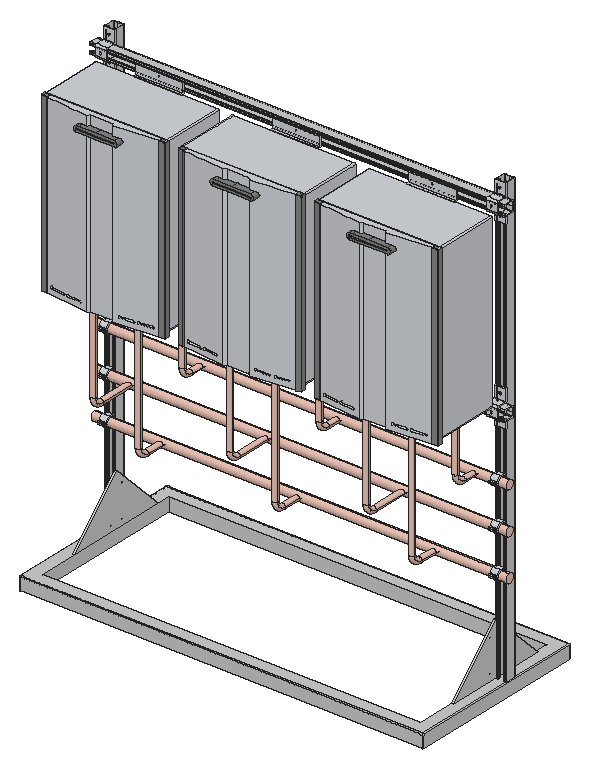
Revit family "N167e", category Generic Models, host Face, Revit 2018 (continued)
Definition of nested family "N56e"
  Dimensions and locks
    "PRV (from centreline)": plane 3 "Center (Left/Right)" to plane 19
    "PRV (from back of unit)": plane 20 to cut or joined group of Extrusion 2, Extrusion 10, Extrusion 11
    aligned and locked: plane 2 to Extrusion 1
    aligned and locked: level to Extrusion 1
    aligned and locked: Extrusion 2 sketch curve to plane 5 "Top of Box (no front cover)"
    aligned and locked: Extrusion 2 sketch curve to plane 6 "Left side"
    aligned and locked: plane 4 "Bottom of Box" to Extrusion 2 sketch curve
    aligned and locked: Extrusion 2 sketch curve to plane 7 "Right side"
    aligned and locked: Extrusion 3 sketch curve to Extrusion 2
    aligned and locked: plane 10 "Exhaust Vent" to Extrusion 4
    aligned and locked: Extrusion 4 to Extrusion 5
    aligned and locked: Extrusion 4 to cut or joined group 1 (Extrusion 3, Extrusion 5, Extrusion 6, Extrusion 7, Extrusion 8, Extrusion 9, Extrusion 10, Extrusion 25, Extrusion 27)
    aligned and locked: plane 11 "Cold (from centreline)" to Extrusion 12 sketch curve
    aligned and locked: plane 12 "Cold (back of unit)" to Extrusion 12 sketch curve
    aligned and locked: plane 13 to Extrusion 13 sketch curve
    aligned and locked: plane 14 "Gas (back of unit)" to Extrusion 13 sketch curve
    aligned and locked: plane 19 to Extrusion 14 sketch curve
    aligned and locked: plane 20 to Extrusion 14 sketch curve
    aligned and locked: plane 16 "Hot Outlet (from centreline)" to Extrusion 15 sketch curve
    aligned and locked: plane 15 "Hot Outlet (back of unit)" to Extrusion 15 sketch curve
    aligned and locked: plane 18 to Extrusion 16 sketch curve
    aligned and locked: plane 17 "Condensate Outlet (back of unit)" to Extrusion 16 sketch curve
    aligned and locked: plane 21 "Cold Return (bottom of unit)" to Extrusion 17 sketch curve
    aligned and locked: plane 12 "Cold (back of unit)" to Extrusion 17 sketch curve
    aligned and locked: Extrusion 18 to plane 22 "Wall bracket left"
    aligned and locked: plane 3 "Center (Left/Right)" to Extrusion 20 sketch curve
    aligned and locked: plane 24 to Extrusion 20 sketch curve
    aligned and locked: Extrusion 19 to Extrusion 20
    aligned and locked: Extrusion 18 to Extrusion 21
    aligned and locked: plane 23 "Wall bracket right" to Extrusion 22 sketch curve
    aligned and locked: Extrusion 22 to Extrusion 23
    aligned and locked: Extrusion 25 sketch curve to cut or joined group of Extrusion 4, Extrusion 5  (x3)
    aligned and locked: Extrusion 27 to cut or joined group 1
  Automatic sketch dimensions
    Extrusion 1 sketch curve to Extrusion 1 sketch curve = 2438.4 mm  (x2)
    Extrusion 3 sketch curve to plane 7 "Right side" = 0 mm
    Extrusion 3 sketch curve to plane 3 "Center (Left/Right)" = 0 mm
    plane 6 "Left side" to Extrusion 3 sketch curve = 0 mm
    Extrusion 3 sketch curve to plane 8 "Top Surface of front cover" = 2.128 mm  (x2)
    Extrusion 3 sketch curve to plane 23 "Wall bracket right" = 39.115 mm
    Extrusion 3 sketch curve to plane 8 "Top Surface of front cover" = 9.982 mm
    Extrusion 3 sketch curve to Extrusion 3 sketch curve = 7.854 mm  (x2)
    plane 3 "Center (Left/Right)" to Extrusion 3 sketch curve = 22.897 mm
    plane 19 to Extrusion 3 sketch curve = 7.103 mm
    Extrusion 3 sketch curve to plane 19 = 13.031 mm
    Extrusion 3 sketch curve to level = 942.991 mm
    Extrusion 3 sketch curve to Extrusion 3 sketch curve = 0 mm
    Extrusion 4 sketch curve to plane 3 "Center (Left/Right)" = 0 mm  (x2)
    Extrusion 4 sketch curve to plane 23 "Wall bracket right" = 17.789 mm
    plane 22 "Wall bracket left" to Extrusion 4 sketch curve = 17.789 mm
    Extrusion 4 sketch curve to plane 24 = 59.282 mm
    Extrusion 4 sketch curve to Extrusion 4 sketch curve = 11.208 mm
    Extrusion 5 sketch curve to plane 3 "Center (Left/Right)" = 0 mm  (x2)
    Extrusion 5 sketch curve to plane 23 "Wall bracket right" = 18.072 mm
    plane 22 "Wall bracket left" to Extrusion 5 sketch curve = 18.072 mm
    Extrusion 5 sketch curve to plane 24 = 67.423 mm
    Extrusion 5 sketch curve to Extrusion 5 sketch curve = 3.529 mm
    Extrusion 6 sketch curve to plane 27 = 0 mm
    plane 27 to Extrusion 6 sketch curve = 4.029 mm
    Extrusion 6 sketch curve to plane 16 "Hot Outlet (from centreline)" = 12.147 mm
    plane 18 to Extrusion 6 sketch curve = 3.853 mm
    Extrusion 7 sketch curve to plane 27 = 0 mm
    plane 27 to Extrusion 7 sketch curve = 4.029 mm
    plane 22 "Wall bracket left" to Extrusion 7 sketch curve = 15.374 mm
    plane 16 "Hot Outlet (from centreline)" to Extrusion 7 sketch curve = 5.374 mm
    Extrusion 8 sketch curve to plane 27 = 0 mm
    plane 27 to Extrusion 8 sketch curve = 4.029 mm
    Extrusion 8 sketch curve to plane 13 = 16.626 mm
    Extrusion 8 sketch curve to plane 23 "Wall bracket right" = 14.626 mm
    Extrusion 9 sketch curve to plane 27 = 0 mm
    plane 27 to Extrusion 9 sketch curve = 4.029 mm
    Extrusion 9 sketch curve to plane 7 "Right side" = 39.626 mm
    plane 13 to Extrusion 9 sketch curve = 3.374 mm
    Extrusion 10 sketch curve to plane 7 "Right side" = 0 mm
    Extrusion 10 sketch curve to plane 6 "Left side" = 0 mm
    Extrusion 10 sketch curve to Extrusion 10 sketch curve = 5 mm
    Extrusion 10 sketch curve to plane 6 "Left side" = 5 mm
    Extrusion 10 sketch curve to plane 24 = 25.3 mm  (x2)
    plane 1 "Center (Front/Back)" to Extrusion 11 sketch curve = 0 mm  (x2)
    Extrusion 11 sketch curve to plane 7 "Right side" = 0 mm
    Extrusion 11 sketch curve to plane 6 "Left side" = 0 mm
    Extrusion 11 sketch curve to Extrusion 11 sketch curve = 5 mm
    Extrusion 11 sketch curve to plane 1 "Center (Front/Back)" = 5 mm
    Extrusion 12 sketch curve to Extrusion 12 sketch curve = 0 mm  (x2)
    Extrusion 13 sketch curve to Extrusion 13 sketch curve = 0 mm  (x2)
    Extrusion 14 sketch curve to Extrusion 14 sketch curve = 0 mm  (x2)
    Extrusion 15 sketch curve to Extrusion 15 sketch curve = 0 mm  (x2)
    Extrusion 16 sketch curve to Extrusion 16 sketch curve = 0 mm  (x2)
    Extrusion 17 sketch curve to Extrusion 17 sketch curve = 0 mm  (x2)
    Extrusion 18 sketch curve to plane 1 "Center (Front/Back)" = 0 mm
    Extrusion 18 sketch curve to plane 4 "Bottom of Box" = 0 mm
    level to Extrusion 18 sketch curve = 3.773 mm
    plane 25 to Extrusion 18 sketch curve = 10.7 mm
    level to Extrusion 18 sketch curve = 0.2 mm
    Extrusion 18 sketch curve to plane 1 "Center (Front/Back)" = 2.843 mm
    plane 27 to Extrusion 18 sketch curve = 4.375 mm
    Extrusion 18 sketch curve to plane 4 "Bottom of Box" = 4.104 mm
    Extrusion 19 sketch curve to plane 4 "Bottom of Box" = 0 mm
    Extrusion 19 sketch curve to level = 3.773 mm
    Extrusion 19 sketch curve to plane 24 = 10.5 mm
    plane 24 to Extrusion 19 sketch curve = 25.3 mm
    Extrusion 19 sketch curve to level = 0.2 mm
    Extrusion 19 sketch curve to Extrusion 19 sketch curve = 2.843 mm
    plane 4 "Bottom of Box" to Extrusion 19 sketch curve = 4.104 mm
    Extrusion 19 sketch curve to Extrusion 19 sketch curve = 12.532 mm
    Extrusion 21 sketch curve to plane 11 "Cold (from centreline)" = 0 mm
    plane 25 to Extrusion 21 sketch curve = 0 mm
    plane 20 to Extrusion 22 sketch curve = 24.259 mm
    Extrusion 23 sketch curve to plane 23 "Wall bracket right" = 11.751 mm
    Extrusion 23 sketch curve to plane 23 "Wall bracket right" = 0.618 mm  (x2)
    plane 23 "Wall bracket right" to Extrusion 23 sketch curve = 0.554 mm  (x2)
    Extrusion 23 sketch curve to Extrusion 23 sketch curve = 10.331 mm
    plane 20 to Extrusion 23 sketch curve = 12.995 mm
    Extrusion 23 sketch curve to Extrusion 23 sketch curve = 10.449 mm
    Extrusion 23 sketch curve to Extrusion 23 sketch curve = 0 mm
    Extrusion 23 sketch curve to Extrusion 23 sketch curve = 1.03 mm  (x2)
    Extrusion 23 sketch curve to Extrusion 23 sketch curve = 10.79 mm
    Revolve 24 sketch curve to plane 18 = 0 mm
    plane 1 "Center (Front/Back)" to Revolve 24 sketch curve = 0 mm
    Revolve 24 sketch curve to plane 18 = 2.487 mm
    Revolve 24 sketch curve to Revolve 24 sketch curve = 2.213 mm
    Revolve 24 sketch curve to Revolve 24 sketch curve = 3.448 mm  (x2)
    Revolve 24 sketch curve to Revolve 24 sketch curve = 1.852 mm  (x2)
    plane 1 "Center (Front/Back)" to Revolve 24 sketch curve = 4 mm
    plane 21 "Cold Return (bottom of unit)" to Revolve 24 sketch curve = 2.185 mm
    plane 24 to Revolve 24 sketch curve = 1434.109 mm
    plane 25 to Revolve 24 sketch curve = 2513.641 mm
    Extrusion 25 sketch curve to plane 3 "Center (Left/Right)" = 0 mm  (x2)
    Extrusion 25 sketch curve to plane 23 "Wall bracket right" = 18.072 mm
    Extrusion 26 sketch curve to Extrusion 3 = 0 mm
    Extrusion 26 sketch curve to Extrusion 3 = 82.748 mm
    Extrusion 26 sketch curve to Extrusion 3 = 6.298 mm
    Extrusion 26 sketch curve to Extrusion 3 = 20.659 mm
    Extrusion 26 sketch curve to Extrusion 26 sketch curve = 1.937 mm
    Extrusion 3 to Extrusion 26 sketch curve = 0.605 mm
    Extrusion 26 sketch curve to Extrusion 3 = 15.579 mm
    Extrusion 27 sketch curve to Extrusion 26 = 0 mm  (x2)
    Extrusion 26 to Extrusion 27 sketch curve = 0 mm
    Extrusion 27 sketch curve to Extrusion 26 = 1 mm
    Extrusion 26 to Extrusion 27 sketch curve = 0.511 mm
    Extrusion 27 sketch curve to Extrusion 27 sketch curve = 0.84 mm
    Extrusion 26 to Extrusion 27 sketch curve = 0.132 mm
    Extrusion 26 to Extrusion 27 sketch curve = 15.151 mm
    Extrusion 27 sketch curve to Extrusion 27 sketch curve = 0.703 mm
    Extrusion 28 sketch curve to Extrusion 3 = 0 mm
    Extrusion 28 sketch curve to Extrusion 3 = 82.748 mm
    Extrusion 28 sketch curve to Extrusion 3 = 6.298 mm
    Extrusion 28 sketch curve to Extrusion 3 = 20.659 mm
    Extrusion 28 sketch curve to Extrusion 28 sketch curve = 1.937 mm
    Extrusion 3 to Extrusion 28 sketch curve = 0.605 mm
    Extrusion 3 to Extrusion 28 sketch curve = 445.579 mm
    Extrusion 29 sketch curve to Extrusion 28 = 0 mm  (x3)
    Extrusion 29 sketch curve to Extrusion 29 sketch curve = 1 mm
    Extrusion 28 to Extrusion 29 sketch curve = 0.511 mm
    Extrusion 29 sketch curve to Extrusion 29 sketch curve = 0.84 mm
    Extrusion 28 to Extrusion 29 sketch curve = 0.132 mm
    Extrusion 28 to Extrusion 29 sketch curve = 14.449 mm
    Extrusion 29 sketch curve to Extrusion 29 sketch curve = 0.703 mm
    radius of Extrusion 12 sketch curve = 10 mm
    radius of Extrusion 12 sketch curve = 12.5 mm
    radius of Extrusion 13 sketch curve = 10 mm
    radius of Extrusion 13 sketch curve = 12.5 mm
    radius of Extrusion 14 sketch curve = 7.5 mm
    radius of Extrusion 14 sketch curve = 10 mm
    radius of Extrusion 15 sketch curve = 10 mm
    radius of Extrusion 15 sketch curve = 12.5 mm
    radius of Extrusion 16 sketch curve = 7.5 mm
    radius of Extrusion 16 sketch curve = 10 mm
    radius of Extrusion 17 sketch curve = 10 mm
    radius of Extrusion 17 sketch curve = 12.5 mm
    radius of Extrusion 20 sketch curve = 3 mm
    radius of Extrusion 21 sketch curve = 3 mm
    radius of Extrusion 22 sketch curve = 20 mm
    radius of Extrusion 27 sketch curve to Extrusion 26 = 0 mm
    radius of Extrusion 26 to Extrusion 27 sketch curve = 1 mm
    radius of Extrusion 29 sketch curve to Extrusion 28 = 0 mm
    radius of Extrusion 28 to Extrusion 29 sketch curve = 1 mm
  Connectors
    piping at (-30, -23, 195.2), diameter 15
      settings: on Extrusion 14, index 1, connector inside diameter 609.6 mm, connector length 0 mm, flow factor 0, pipe flow 0.0 L/s, pressure drop 0.0 Pa, fitting loss kfactor 0, connector angle 0.00°, fixture units 0, engagement length 0 mm, angle of deflection 0.00°, flow configuration 0, flow direction 0, fitting loss method 0, system type 22, joint type 0, gender type 0, connector reference index -1, connector utility 0, adjustable connector no, is connector primary yes, connector description ""
    piping at (-130, -41, 157.2), diameter 20
      settings: on Extrusion 15, index 2, connector inside diameter 609.6 mm, connector length 0 mm, flow factor 0, pipe flow 0.0 L/s, pressure drop 0.0 Pa, fitting loss kfactor 0, connector angle 0.00°, fixture units 0, engagement length 0 mm, angle of deflection 0.00°, flow configuration 0, flow direction 2, fitting loss method 0, system type 19, joint type 0, gender type 0, connector reference index -1, connector utility 0, adjustable connector no, is connector primary no, connector description ""
    piping at (-10, -54, 91.2), diameter 20
      settings: on Extrusion 12, index 3, connector inside diameter 609.6 mm, connector length 0 mm, flow factor 0, pipe flow 0.0 L/s, pressure drop 0.0 Pa, fitting loss kfactor 0, connector angle 0.00°, fixture units 0, engagement length 0 mm, angle of deflection 0.00°, flow configuration 0, flow direction 1, fitting loss method 0, system type 20, joint type 0, gender type 0, connector reference index -1, connector utility 0, adjustable connector no, is connector primary no, connector description ""
    piping at (44, -20, 91.2), diameter 20
      settings: on Extrusion 17, index 4, connector inside diameter 609.6 mm, connector length 0 mm, flow factor 0, pipe flow 0.0 L/s, pressure drop 0.0 Pa, fitting loss kfactor 0, connector angle 0.00°, fixture units 0, engagement length 0 mm, angle of deflection 0.00°, flow configuration 0, flow direction 1, fitting loss method 0, system type 8, joint type 0, gender type 0, connector reference index -1, connector utility 0, adjustable connector no, is connector primary no, connector description ""
    piping at (142, -45, 72.2), diameter 20
      settings: on Extrusion 13, index 5, connector inside diameter 609.6 mm, connector length 0 mm, flow factor 0, pipe flow 0.0 L/s, pressure drop 0.0 Pa, fitting loss kfactor 0, connector angle 0.00°, fixture units 0, engagement length 0 mm, angle of deflection 0.00°, flow configuration 0, flow direction 1, fitting loss method 0, system type 22, joint type 0, gender type 0, connector reference index -1, connector utility 0, adjustable connector no, is connector primary no, connector description ""
    piping at (-196, -24, 135.2), diameter 15
      settings: on Extrusion 16, index 6, connector inside diameter 609.6 mm, connector length 0 mm, flow factor 0, pipe flow 0.0 L/s, pressure drop 0.0 Pa, fitting loss kfactor 0, connector angle 0.00°, fixture units 0, engagement length 0 mm, angle of deflection 0.00°, flow configuration 0, flow direction 2, fitting loss method 0, system type 22, joint type 0, gender type 0, connector reference index -1, connector utility 0, adjustable connector yes, is connector primary no, connector description ""
